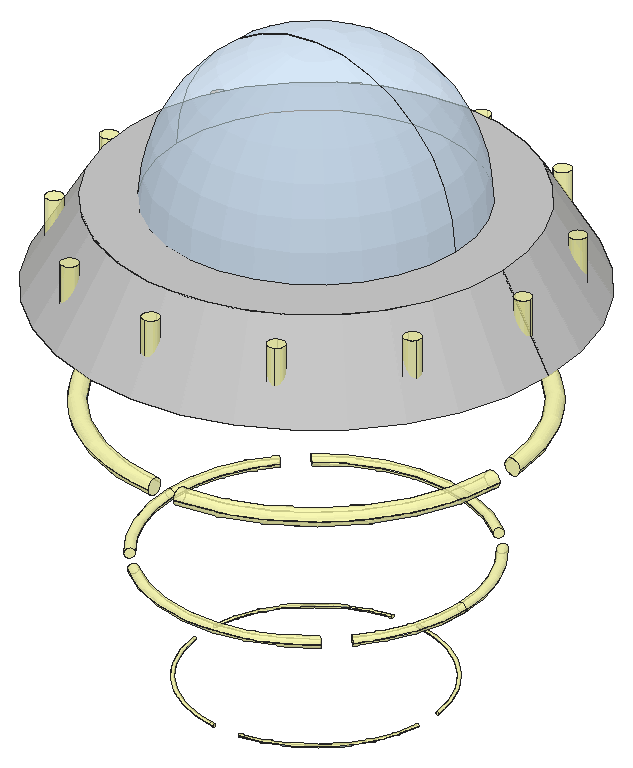
Revit family "UFO_unit", category Generic Models, Revit 2020
Family settings
  Can host rebar = No
  Round Connector Dimension = Use Diameter
  Part Type = Normal
  Work Plane-Based = Yes
  Always vertical = No
  Cut with Voids When Loaded = No
  Shared = No
  Room Calculation Point = No
Parameters
  show_beam [instance] = yes
  Default Elevation = 0 mm
Reference planes
  plane 1 "Center (Front/Back)": y = 0
  plane 2: z = 0
  plane 3 "Center (Left/Right)": x = 0
Forms (mm)
  Blend 1, solid
    base sketch origin (0, 0, 0) x (1, 0, 0) y (0, 1, 0)
      loop
        circle (0, 0) r 1500
    top sketch origin (0, 0, 0) x (1, 0, 0) y (0, 1, 0)
      loop
        circle (0, 0) r 1200
    from 0 to 500
  Revolve 2, solid
    sketch origin (0, 0, 0) x (1, 0, 0) y (0, 0, 1)
      loop
        arc (900, 500) -> (636.396, 1136.396) -> (0, 1400) r 900
        line (0, 1400) -> (0, 500) -> (900, 500)
      axis (0, 1400) -> (0, 500)
    angle from 0 to 360
  Extrusion 3, solid
    sketch origin (-900, 0, 0) x (1, 0, 0) y (0, 1, 0)
      loop
        circle (2234.357, 0) r 50
    from 50 to 400
  Extrusion 4, solid
    sketch origin (-779.423, 450, 0) x (0.866025, -0.5, 0) y (0.5, 0.866025, 0)
      loop
        circle (2234.357, 0) r 50
    from 50 to 400
  Extrusion 5, solid
    sketch origin (-779.423, -450, 0) x (0.866025, 0.5, 0) y (-0.5, 0.866025, 0)
      loop
        circle (2234.357, 0) r 50
    from 50 to 400
  Extrusion 6, solid
    sketch origin (-450, -779.423, 0) x (0.5, 0.866025, 0) y (-0.866025, 0.5, 0)
      loop
        circle (2234.357, 0) r 50
    from 50 to 400
  Extrusion 7, solid
    sketch origin (0, -900, 0) x (0, 1, 0) y (-1, 0, 0)
      loop
        circle (2234.357, 0) r 50
    from 50 to 400
  Extrusion 8, solid
    sketch origin (450, -779.423, 0) x (-0.5, 0.866025, 0) y (-0.866025, -0.5, 0)
      loop
        circle (2234.357, 0) r 50
    from 50 to 400
  Extrusion 9, solid
    sketch origin (779.423, -450, 0) x (-0.866025, 0.5, 0) y (-0.5, -0.866025, 0)
      loop
        circle (2234.357, 0) r 50
    from 50 to 400
  Extrusion 10, solid
    sketch origin (900, 0, 0) x (-1, 0, 0) y (0, -1, 0)
      loop
        circle (2234.357, 0) r 50
    from 50 to 400
  Extrusion 11, solid
    sketch origin (779.423, 450, 0) x (-0.866025, -0.5, 0) y (0.5, -0.866025, 0)
      loop
        circle (2234.357, 0) r 50
    from 50 to 400
  Extrusion 12, solid
    sketch origin (450, 779.423, 0) x (-0.5, -0.866025, 0) y (0.866025, -0.5, 0)
      loop
        circle (2234.357, 0) r 50
    from 50 to 400
  Extrusion 13, solid
    sketch origin (0, 900, 0) x (0, -1, 0) y (1, 0, 0)
      loop
        circle (2234.357, 0) r 50
    from 50 to 400
  Extrusion 14, solid
    sketch origin (-450, 779.423, 0) x (0.5, -0.866025, 0) y (0.866025, 0.5, 0)
      loop
        circle (2234.357, 0) r 50
    from 50 to 400
  Sweep 15, solid, visible <- "show_beam"
    path in 3D
      loop
        arc (-500, 0, 0) -> (0, -500, 0) -> (500, 0, 0) r 500
        arc (500, 0, 0) -> (0, 500, 0) -> (-500, 0, 0) r 500
    profile "profile : DD" origin (0, 500, 0) x (0, -1, 0) y (0, 0, 1)
      loop
        circle (-223.674, -2260.831) r 10
      loop
        circle (-439.289, -1539.443) r 30
      loop
        circle (-704.924, -667.735) r 50
  Extrusion 16, void
    sketch origin (0, 0, 0) x (1, 0, 0) y (0, 1, 0)
      loop
        line (-3806.428, 80) -> (-3806.428, -80) -> (-80, -80) -> (-80, -3806.428) -> (80, -3806.428) -> (80, -80) -> (4573.572, -80) -> (4573.572, 80) -> (80, 80) -> (80, 4573.572) -> (-80, 4573.572) -> (-80, 80) -> (-3806.428, 80)
    from -1241.889 to -175.378
  Extrusion 17, void
    sketch origin (0, 0, 0) x (1, 0, 0) y (0, 1, 0)
      loop
        line (-3806.428, 80) -> (-3806.428, -80) -> (-80, -80) -> (-80, -3806.428) -> (80, -3806.428) -> (80, -80) -> (4573.572, -80) -> (4573.572, 80) -> (80, 80) -> (80, 4573.572) -> (-80, 4573.572) -> (-80, 80) -> (-3806.428, 80)
    from -3613.173 to -1945.284
  Extrusion 18, void
    sketch origin (0, 0, 0) x (0.707107, -0.707107, 0) y (0.707107, 0.707107, 0)
      loop
        line (-3806.428, 80) -> (-3806.428, -80) -> (-80, -80) -> (-80, -3806.428) -> (80, -3806.428) -> (80, -80) -> (4573.572, -80) -> (4573.572, 80) -> (80, 80) -> (80, 4573.572) -> (-80, 4573.572) -> (-80, 80) -> (-3806.428, 80)
    from -1755.291 to -1457.626
Cuts and joins
  Extrusion 16, Extrusion 17, Extrusion 18 cuts Sweep 15
Lines and regions (mm)
  reference lines
    curve 1: circle (0, 0, 0) r 500 normal (0, 0, 1)
  sketch lines
    curve 2: circle (0, 0, 0) r 500 normal (0, 0, 1)
Dimensions and locks
  aligned and locked: plane 2 to level
